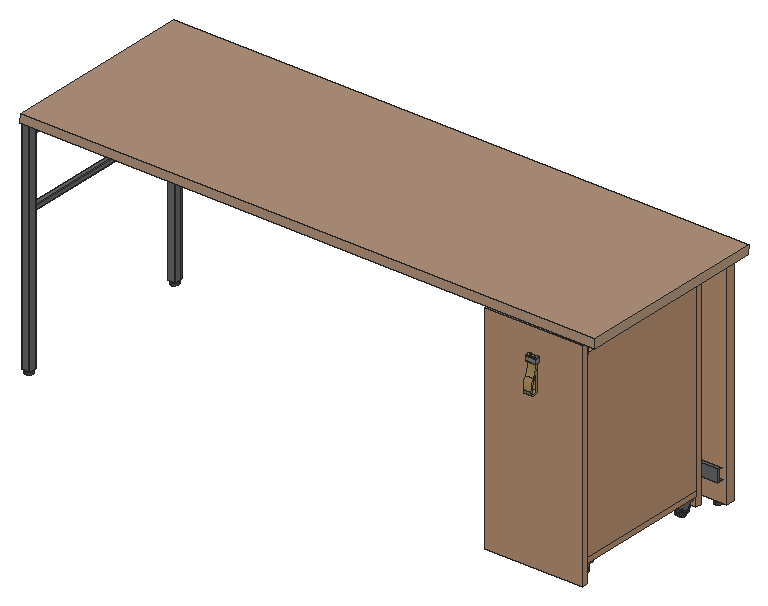
Revit family "Desks-Teknion-LWBDP_Byward_Desk_with_Pedestal-R2019", category Furniture, Revit 2019 (continued)
Dimensions and locks (in)
  Sweep 19 sketch curve to Sweep 19 sketch curve to plane 5 "Right" = 11.1678" locked, 1.7722" locked
  Sweep 19 sketch curve to Sweep 19 sketch curve to Sweep 19 sketch curve to Sweep 19 sketch curve to Sweep 19 sketch curve to plane 7 "Front" = 0.6393" locked, 0.0107" locked, 0.0393" locked, 0.0607" locked, 1.000" locked
  plane 8 "Top" to Sweep 19 sketch curve to Sweep 19 sketch curve to Sweep 19 sketch curve to Sweep 19 sketch curve to Sweep 19 sketch curve = 1.060" locked, 0.060" locked, 0.040" locked, 0.010" locked, 1.640" locked
  plane 7 "Front" to Sweep 20 sketch curve to Sweep 20 sketch curve = 0.000" locked, 19.54975" locked
  Sweep 20 sketch curve to Sweep 20 sketch curve to Sweep 20 sketch curve to Sweep 20 sketch curve to Sweep 20 sketch curve to Sweep 20 sketch curve to Sweep 20 sketch curve to Sweep 20 sketch curve to plane 5 "Right" = 0.05906" locked, 0.83465" locked, 0.05906" locked, 6.84252" locked, 0.05906" locked, 0.83465" locked, 0.05906" locked, 3.14862" locked
  Sweep 20 sketch curve to Sweep 20 sketch curve to Sweep 20 sketch curve to Sweep 20 sketch curve to level to Sweep 20 sketch curve to Sweep 20 sketch curve to Sweep 20 sketch curve to Sweep 20 sketch curve = 0.000" locked, 0.05906" locked, 0.000" locked, 1.63386" locked, 0.000" locked, 0.000" locked, 0.000" locked, 0.000" locked
  Sweep 21 sketch curve to Sweep 21 sketch curve to plane 5 "Right" = 14.000" locked, 0.000" locked
  Sweep 21 sketch curve to Sweep 21 sketch curve to Sweep 21 sketch curve to Sweep 21 sketch curve to Sweep 21 sketch curve to Sweep 21 sketch curve to Sweep 21 sketch curve to Sweep 21 sketch curve to Sweep 21 sketch curve to Sweep 21 sketch curve to Sweep 21 sketch curve to Sweep 21 sketch curve to Sweep 21 sketch curve to Sweep 21 sketch curve to Sweep 21 sketch curve to plane 7 "Front" to Sweep 21 sketch curve = 0.25984" locked, 0.000" locked, 0.05906" locked, 1.08661" locked, 1.08661" locked, 0.05906" locked, 0.000" locked, 13.48819" locked, 0.000" locked, 0.05906" locked, 1.08661" locked, 1.08661" locked, 0.05906" locked, 0.000" locked, 1.21904" locked, 0.000" locked
  Sweep 21 sketch curve to Sweep 21 sketch curve to Sweep 21 sketch curve to Sweep 21 sketch curve to Sweep 21 sketch curve to Sweep 21 sketch curve to Sweep 21 sketch curve to Sweep 21 sketch curve to Sweep 21 sketch curve to Sweep 21 sketch curve to Sweep 21 sketch curve to Sweep 21 sketch curve to Sweep 21 sketch curve to level to Sweep 21 sketch curve = 0.000" locked, 0.000" locked, 0.21845" locked, 0.000" locked, 0.000" locked, 0.000" locked, 0.62169" locked, 0.000" locked, 0.28749" locked, 0.000" locked, 0.000" locked, 0.000" locked, 0.56528" locked, 0.000" locked
  plane 8 "Top" to Sweep 22 sketch curve to Sweep 22 sketch curve = 1.060" locked, 1.500" locked
  Sweep 22 sketch curve to Sweep 22 sketch curve to Sweep 22 sketch curve to Sweep 22 sketch curve to plane 5 "Right" = 0.060" locked, 1.639" locked, 0.060" locked, 5.6597" locked
  plane 7 "Front" to Sweep 22 sketch curve to Sweep 22 sketch curve to Sweep 22 sketch curve to Sweep 22 sketch curve = 1.783" locked, 0.060" locked, 19.940" locked, 0.000" locked
  plane 7 "Front" to Sweep 23 sketch curve to Sweep 23 sketch curve = 1.783" locked, 20.000" locked
  plane 5 "Right" to Sweep 23 sketch curve to Sweep 23 sketch curve = 5.6597" locked, 1.759" locked
  plane 8 "Top" to Sweep 23 sketch curve to Sweep 23 sketch curve = 1.060" locked, 0.060" locked
  plane 8 "Top" to Sweep 24 sketch curve to Sweep 24 sketch curve = 1.421" locked, 4.000" locked
  Sweep 24 sketch curve to Sweep 24 sketch curve to Sweep 24 sketch curve to Sweep 24 sketch curve to plane 5 "Right" = 0.060" locked, 1.380" locked, 0.060" locked, 5.7892" locked
  plane 7 "Front" to Sweep 24 sketch curve to Sweep 24 sketch curve to Sweep 24 sketch curve to Sweep 24 sketch curve = 20.250" locked, 0.060" locked, 1.315" locked, 0.000" locked
  plane 7 "Front" to plane 10 to plane 11 = 2.36471" locked, 15.77953" locked
  locked: plane 12 "Wheel Center" to level at 0.7874
  Revolve 25 sketch curve to Revolve 25 sketch curve to plane 5 "Right" = 9.87167" locked, 2.27498" locked
  Revolve 25 sketch curve to Revolve 25 sketch curve to Revolve 25 sketch curve to Revolve 25 sketch curve to Revolve 25 sketch curve to Revolve 25 sketch curve to Revolve 25 sketch curve to Revolve 25 sketch curve to Revolve 25 sketch curve to Revolve 25 sketch curve to Revolve 25 sketch curve to Revolve 25 sketch curve to Revolve 25 sketch curve to plane 5 "Right" = 0.000" locked, 0.27559" locked, 0.05902" locked, 0.33461" locked, 0.000" locked, 7.12605" locked, 0.000" locked, 0.27559" locked, 0.05902" locked, 0.05902" locked, 0.27559" locked, 0.000" locked, 3.29043" locked
  Revolve 25 sketch curve to Revolve 25 sketch curve to Revolve 25 sketch curve to Revolve 25 sketch curve to Revolve 25 sketch curve to Revolve 25 sketch curve to Revolve 25 sketch curve to Revolve 25 sketch curve to Revolve 25 sketch curve to Revolve 25 sketch curve to Revolve 25 sketch curve to Revolve 25 sketch curve to Revolve 25 sketch curve to Revolve 25 sketch curve to Revolve 25 sketch curve to Revolve 25 sketch curve to Revolve 25 sketch curve to Revolve 25 sketch curve to Revolve 25 sketch curve to Revolve 25 sketch curve to Revolve 25 sketch curve to Revolve 25 sketch curve to plane 10 to Revolve 25 sketch curve to Revolve 25 sketch curve = 0.000" locked, 0.01202" locked, 0.000" locked, 0.000" locked, 0.000" locked, 0.14574" locked, 0.000" locked, 0.000" locked, 0.000" locked, 0.03384" locked, 0.000" locked, 0.000" locked, 0.000" locked, 0.35541" locked, 0.000" locked, 0.000" locked, 0.000" locked, 0.02411" locked, 0.000" locked, 0.000" locked, 0.000" locked, 0.21657" locked, 0.000" locked, 0.000" locked
  Revolve 26 sketch curve to Revolve 26 sketch curve to Revolve 26 sketch curve to Revolve 26 sketch curve to Revolve 26 sketch curve to Revolve 26 sketch curve to Revolve 26 sketch curve to Revolve 26 sketch curve to Revolve 26 sketch curve to Revolve 26 sketch curve to Revolve 26 sketch curve to Revolve 26 sketch curve to Revolve 26 sketch curve to plane 5 "Right" = 0.000" locked, 0.27559" locked, 0.05902" locked, 0.33461" locked, 0.000" locked, 7.12605" locked, 0.000" locked, 0.27559" locked, 0.05902" locked, 0.05902" locked, 0.27559" locked, 0.000" locked, 3.29043" locked
  Revolve 26 sketch curve to Revolve 26 sketch curve to Revolve 26 sketch curve to Revolve 26 sketch curve to Revolve 26 sketch curve to Revolve 26 sketch curve to Revolve 26 sketch curve to Revolve 26 sketch curve to Revolve 26 sketch curve to Revolve 26 sketch curve to Revolve 26 sketch curve to Revolve 26 sketch curve to Revolve 26 sketch curve to Revolve 26 sketch curve to Revolve 26 sketch curve to Revolve 26 sketch curve to Revolve 26 sketch curve to Revolve 26 sketch curve to Revolve 26 sketch curve to Revolve 26 sketch curve to Revolve 26 sketch curve to Revolve 26 sketch curve to Revolve 26 sketch curve to Revolve 26 sketch curve to plane 7 "Front" = 0.000" locked, 0.01202" locked, 0.000" locked, 0.000" locked, 0.000" locked, 0.14574" locked, 0.000" locked, 0.000" locked, 0.000" locked, 0.03384" locked, 0.000" locked, 0.000" locked, 0.000" locked, 0.35541" locked, 0.000" locked, 0.000" locked, 0.000" locked, 0.02411" locked, 0.000" locked, 0.000" locked, 0.000" locked, 0.21657" locked, 0.000" locked, 18.14424" locked
  Sweep 27 sketch curve to Sweep 27 sketch curve to plane 5 "Right" = 1.0708" locked, 3.08964" locked
  locked: plane 11 to Sweep 27 sketch curve at 0
  locked: plane 10 to Sweep 27 sketch curve at 0
  plane 12 "Wheel Center" to Sweep 27 sketch curve to Sweep 27 sketch curve = 0.000" locked, 0.000" locked
  Sweep 28 sketch curve to Sweep 28 sketch curve to plane 5 "Right" = 1.0708" locked, 10.88491" locked
  plane 12 "Wheel Center" to Sweep 28 sketch curve to Sweep 28 sketch curve = 0.000" locked, 0.000" locked
  locked: plane 11 to Sweep 28 sketch curve at 0
  locked: plane 10 to Sweep 28 sketch curve at 0
  Sweep 29 sketch curve to Sweep 29 sketch curve to plane 5 "Right" = 1.000" locked, 7.375" locked
  Sweep 29 sketch curve to Sweep 29 sketch curve to Sweep 29 sketch curve to Sweep 29 sketch curve to Sweep 29 sketch curve to Sweep 29 sketch curve to Sweep 29 sketch curve to Sweep 29 sketch curve to Sweep 29 sketch curve to Sweep 29 sketch curve to Sweep 29 sketch curve to plane 7 "Front" to Sweep 29 sketch curve to Sweep 29 sketch curve to Sweep 29 sketch curve to Sweep 29 sketch curve to Sweep 29 sketch curve = 0.02136" locked, 2.54245" locked, 0.09843" locked, 0.010" locked, 0.021" locked, 0.000" locked, 0.05643" locked, 0.000" locked, 0.021" locked, 0.010" locked, 0.00317" locked, 0.09525" locked, 0.23035" locked, 0.000" locked, 3.32216" locked, 0.13176" locked
  plane 8 "Top" to Sweep 29 sketch curve to Sweep 29 sketch curve to Sweep 29 sketch curve to Sweep 29 sketch curve to Sweep 29 sketch curve to Sweep 29 sketch curve to Sweep 29 sketch curve to Sweep 29 sketch curve to Sweep 29 sketch curve to Sweep 29 sketch curve to Sweep 29 sketch curve to Sweep 29 sketch curve to Sweep 29 sketch curve = 4.60935" locked, 0.031" locked, 0.000" locked, 0.000" locked, 0.000" locked, 0.04774" locked, 0.60001" locked, 0.03457" locked, 0.01502" locked, 2.98573" locked, 0.000" locked, 0.000" locked, 0.000" locked
  Sweep 30 sketch curve to plane 7 "Front" to Sweep 30 sketch curve to Sweep 30 sketch curve = 0.09525" locked, 0.22002" locked, 0.000" locked
  Sweep 30 sketch curve to Sweep 30 sketch curve to plane 5 "Right" = 1.000" locked, 7.375" locked
  Sweep 31 sketch curve to Sweep 31 sketch curve to level = 16.000" locked, 9.9995" locked
  Sweep 31 sketch curve to Sweep 31 sketch curve to plane 9 to Sweep 31 sketch curve to Sweep 31 sketch curve to Sweep 31 sketch curve = 0.036" locked, 0.1797" locked, 0.2843" locked, 0.464" locked, 0.036" locked
  Sweep 31 sketch curve to Sweep 31 sketch curve to Sweep 31 sketch curve to Sweep 31 sketch curve to Sweep 31 sketch curve to plane 5 "Right" = 0.714" locked, 0.036" locked, 1.428" locked, 0.036" locked, 10.6112" locked
  Sweep 32 sketch curve to Sweep 32 sketch curve to plane 5 "Right" = 1.250" locked, 9.6252" locked
  Sweep 32 sketch curve to Sweep 32 sketch curve to Sweep 32 sketch curve to Sweep 32 sketch curve to Sweep 32 sketch curve to Sweep 32 sketch curve to level = 1.675" locked, 0.075" locked, 5.250" locked, 0.075" locked, 1.675" locked, 0.6245" locked
  Sweep 32 sketch curve to Sweep 32 sketch curve to plane 9 to Sweep 32 sketch curve to Sweep 32 sketch curve to Sweep 32 sketch curve to Sweep 32 sketch curve = 0.075" locked, 0.1407" locked, 1.2093" locked, 0.000" locked, 0.075" locked, 0.000" locked
  Sweep 33 sketch curve to Sweep 33 sketch curve to plane 5 "Right" = 6.000" locked, 1.5002" locked
  Sweep 33 sketch curve to Sweep 33 sketch curve to plane 9 to Sweep 33 sketch curve to Sweep 33 sketch curve to Sweep 33 sketch curve = 0.036" locked, 0.1797" locked, 0.2843" locked, 0.464" locked, 0.036" locked
  Sweep 33 sketch curve to Sweep 33 sketch curve to Sweep 33 sketch curve to Sweep 33 sketch curve to Sweep 33 sketch curve to level = 0.036" locked, 1.428" locked, 0.036" locked, 0.714" locked, 2.4245" locked
  plane 7 "Front" to Sweep 34 sketch curve to Sweep 34 sketch curve = 0.92475" locked, 18.625" locked
  Sweep 34 sketch curve to Sweep 34 sketch curve to Sweep 34 sketch curve to Sweep 34 sketch curve to Sweep 34 sketch curve to Sweep 34 sketch curve to level = 0.090" locked, 0.000" locked, 0.445" locked, 0.000" locked, 0.090" locked, 24.44224" locked
  Sweep 34 sketch curve to Sweep 34 sketch curve to Sweep 34 sketch curve to Sweep 34 sketch curve to Sweep 34 sketch curve to Sweep 34 sketch curve to plane 5 "Right" = 0.090" locked, 0.000" locked, 0.445" locked, 0.000" locked, 0.090" locked, 11.87469" locked
  curve 73 to curve 71 to plane 10 to curve 72 to curve 70 = 0.000" locked, 0.77568" locked, 0.77568" locked, 0.000" locked
  curve 68 to curve 66 to plane 11 to curve 69 to curve 67 = 0.000" locked, 0.77568" locked, 0.77568" locked, 0.000" locked
  locked: Masking region 4 sketch curve to plane 7 "Front" at 0.76281
  curve 57 to curve 133 to plane 5 "Right" = 0.87531" locked, 11.87469" locked
  plane 6 "Back" to plane 9 to plane 1 "Center Front/Back" = 2.060", 9.940"
  radius of Sweep 28 sketch curve = 0.100"  (x2)
  aligned and locked: level to plane 2
  aligned and locked: plane 3 "Center Left/Right" to Sweep 1 sketch curve
  aligned and locked: plane 7 "Front" to Sweep 1 sketch curve
  aligned and locked: plane 5 "Right" to Sweep 1 sketch curve
  aligned and locked: Sweep 1 sketch curve to plane 6 "Back"
  aligned and locked: Sweep 1 sketch curve to plane 4 "Left"
  aligned and locked: plane 5 "Right" to curve 1
  aligned and locked: plane 7 "Front" to curve 2
  aligned and locked: curve 3 to plane 4 "Left"
  aligned and locked: curve 4 to plane 6 "Back"
  aligned and locked: Sweep 2 sketch curve to plane 3 "Center Left/Right"
  aligned and locked: plane 1 "Center Front/Back" to Sweep 3 sketch curve
  aligned and locked: plane 3 "Center Left/Right" to Sweep 4 sketch curve
  aligned and locked: plane 3 "Center Left/Right" to Sweep 5 sketch curve
  aligned and locked: plane 3 "Center Left/Right" to Sweep 6 sketch curve
  aligned and locked: plane 3 "Center Left/Right" to Sweep 7 sketch curve
  aligned and locked: Sweep 8 sketch curve to plane 3 "Center Left/Right"
  aligned and locked: Sweep 9 sketch curve to plane 3 "Center Left/Right"
  aligned and locked: plane 3 "Center Left/Right" to Sweep 10 sketch curve
  aligned and locked: plane 3 "Center Left/Right" to Sweep 11 sketch curve
  aligned and locked: Sweep 12 sketch curve to plane 3 "Center Left/Right"
  aligned and locked: plane 3 "Center Left/Right" to Sweep 13 sketch curve
  aligned and locked: Masking region 1 sketch curve to plane 4 "Left"
  aligned and locked: plane 7 "Front" to Masking region 1 sketch curve
  aligned and locked: plane 5 "Right" to Masking region 1 sketch curve
  aligned and locked: Masking region 1 sketch curve to plane 6 "Back"
  aligned and locked: plane 3 "Center Left/Right" to Sweep 14 sketch curve
  aligned and locked: plane 3 "Center Left/Right" to Sweep 15 sketch curve
  aligned and locked: plane 9 to Sweep 3 sketch curve
  aligned and locked: plane 3 "Center Left/Right" to Sweep 16 sketch curve
  aligned and locked: plane 3 "Center Left/Right" to Sweep 17 sketch curve
  aligned and locked: plane 3 "Center Left/Right" to Sweep 18 sketch curve
  aligned and locked: plane 1 "Center Front/Back" to Sweep 19 sketch curve
  aligned and locked: Sweep 20 sketch curve to plane 3 "Center Left/Right"
  aligned and locked: plane 1 "Center Front/Back" to Sweep 21 sketch curve
  aligned and locked: plane 3 "Center Left/Right" to Sweep 22 sketch curve
  aligned and locked: Sweep 23 sketch curve to plane 3 "Center Left/Right"
  aligned and locked: Sweep 24 sketch curve to plane 3 "Center Left/Right"
  aligned and locked: Revolve 25 sketch curve to plane 10
  aligned and locked: Revolve 26 sketch curve to plane 11
  aligned and locked: plane 1 "Center Front/Back" to Sweep 27 sketch curve
  aligned and locked: plane 1 "Center Front/Back" to Sweep 28 sketch curve
  aligned and locked: plane 1 "Center Front/Back" to Sweep 29 sketch curve
  aligned and locked: plane 3 "Center Left/Right" to Sweep 31 sketch curve
  aligned and locked: plane 1 "Center Front/Back" to Sweep 32 sketch curve
  aligned and locked: plane 1 "Center Front/Back" to Sweep 33 sketch curve
  aligned and locked: plane 3 "Center Left/Right" to Sweep 34 sketch curve
  aligned and locked: curve 6 to Sweep 12
  aligned and locked: curve 7 to Sweep 12
  aligned and locked: curve 8 to Sweep 12
  aligned and locked: curve 25 to cut or joined group of Sweep 7, Sweep 8
  aligned and locked: curve 28 to cut or joined group of Sweep 7, Sweep 8
  aligned and locked: curve 31 to Sweep 2
  aligned and locked: curve 32 to Sweep 2
  aligned and locked: curve 33 to Sweep 2
  aligned and locked: curve 34 to Sweep 14
  aligned and locked: curve 35 to Sweep 14
  aligned and locked: curve 36 to Sweep 3
  aligned and locked: curve 37 to Sweep 14
  aligned and locked: curve 38 to Sweep 14
  aligned and locked: curve 39 to Sweep 3
  aligned and locked: curve 40 to Sweep 12
  aligned and locked: curve 41 to Sweep 12
  aligned and locked: curve 42 to Sweep 12
  aligned and locked: curve 43 to Sweep 12
  aligned and locked: curve 44 to Sweep 12
  aligned and locked: curve 45 to Sweep 12
  aligned and locked: curve 46 to Sweep 18
  aligned and locked: curve 47 to Sweep 18
  aligned and locked: curve 48 to Sweep 18
  aligned and locked: curve 49 to Sweep 18
  aligned and locked: curve 50 to Sweep 15
  aligned and locked: curve 51 to Sweep 15
  aligned and locked: curve 52 to Sweep 15
  aligned and locked: curve 53 to Sweep 15
  aligned and locked: curve 54 to Sweep 16
  aligned and locked: curve 55 to Sweep 16
  aligned and locked: curve 56 to Sweep 16
  aligned and locked: curve 58 to Revolve 26
  aligned and locked: curve 59 to Revolve 26
  aligned and locked: curve 60 to Revolve 26
  aligned and locked: curve 61 to Revolve 26
  aligned and locked: curve 62 to Revolve 25
  aligned and locked: curve 63 to Revolve 25
  aligned and locked: curve 64 to Revolve 25
  aligned and locked: curve 65 to Revolve 25
  aligned and locked: curve 74 to Sweep 3
  aligned and locked: curve 75 to Sweep 5
  aligned and locked: curve 29 to cut or joined group of Sweep 7, Sweep 8
  aligned and locked: curve 30 to cut or joined group of Sweep 7, Sweep 8
  aligned and locked: curve 76 to Sweep 30
  aligned and locked: curve 77 to Sweep 30
  aligned and locked: Sweep 30 to Masking region 2 sketch curve  (x2)
  aligned and locked: Masking region 2 sketch curve to Sweep 30  (x4)
  aligned and locked: Sweep 1 to Masking region 2 sketch curve
  aligned and locked: Sweep 29 to Masking region 3 sketch curve  (x2)
  aligned and locked: plane 7 "Front" to Masking region 3 sketch curve
  aligned and locked: Masking region 3 sketch curve to Sweep 29
  aligned and locked: Masking region 4 sketch curve to Sweep 29  (x2)
  aligned and locked: Sweep 30 to Masking region 4 sketch curve
  aligned and locked: curve 78 to Sweep 29
  aligned and locked: curve 79 to Sweep 29
  aligned and locked: curve 80 to Sweep 19
  aligned and locked: curve 81 to Sweep 19
  aligned and locked: curve 82 to Sweep 19
  aligned and locked: curve 83 to Sweep 19
  aligned and locked: curve 84 to Sweep 11
  aligned and locked: curve 85 to Sweep 11
  aligned and locked: curve 86 to Sweep 11
  aligned and locked: curve 87 to Sweep 11
  aligned and locked: curve 88 to Sweep 11
  aligned and locked: curve 89 to Sweep 11
  aligned and locked: curve 90 to Sweep 11
  aligned and locked: curve 91 to Sweep 11
  aligned and locked: curve 92 to Sweep 11
  aligned and locked: curve 93 to Sweep 11
  aligned and locked: curve 94 to Sweep 11
  aligned and locked: curve 95 to Sweep 11
  aligned and locked: curve 96 to cut or joined group of Sweep 22, Sweep 23
  aligned and locked: curve 97 to cut or joined group of Sweep 22, Sweep 23
  aligned and locked: curve 98 to cut or joined group of Sweep 22, Sweep 23
  aligned and locked: curve 100 to cut or joined group of Sweep 22, Sweep 23
  aligned and locked: curve 101 to cut or joined group of Sweep 22, Sweep 23
  aligned and locked: curve 102 to cut or joined group of Sweep 22, Sweep 23
  aligned and locked: curve 99 to cut or joined group of Sweep 22, Sweep 23
  aligned and locked: curve 103 to Sweep 24
  aligned and locked: curve 104 to Sweep 24
  aligned and locked: curve 105 to Sweep 24
  aligned and locked: curve 106 to Sweep 24
  aligned and locked: curve 107 to Sweep 24
  aligned and locked: curve 108 to Sweep 24
  aligned and locked: curve 109 to Sweep 24
  aligned and locked: curve 110 to Sweep 24
  aligned and locked: curve 111 to cut or joined group of Sweep 7, Sweep 8
  aligned and locked: curve 112 to Sweep 10
  aligned and locked: curve 113 to Sweep 10
  aligned and locked: curve 114 to Sweep 10
  aligned and locked: curve 115 to Sweep 9
  aligned and locked: curve 116 to Sweep 9
  aligned and locked: curve 117 to Sweep 9
  aligned and locked: curve 119 to Sweep 6
  aligned and locked: curve 120 to Sweep 6
  aligned and locked: curve 122 to Sweep 6
  aligned and locked: curve 124 to Sweep 6
  aligned and locked: curve 126 to Sweep 6
  aligned and locked: curve 128 to Sweep 6
  aligned and locked: curve 129 to Sweep 6
  aligned and locked: curve 131 to Sweep 6
  aligned and locked: curve 132 to Sweep 17
  aligned and locked: curve 134 to Sweep 31
  aligned and locked: curve 135 to Sweep 31
  aligned and locked: curve 136 to Sweep 31
  aligned and locked: curve 137 to Sweep 31
  aligned and locked: curve 138 to Sweep 31
  aligned and locked: curve 139 to Sweep 31
  aligned and locked: curve 140 to Sweep 31
  aligned and locked: curve 141 to Sweep 31
  aligned and locked: curve 142 to Sweep 31
  aligned and locked: curve 143 to Sweep 31
  aligned and locked: curve 144 to Sweep 32
  aligned and locked: curve 145 to Sweep 32
  aligned and locked: curve 146 to Sweep 32
  aligned and locked: curve 147 to Sweep 32
  aligned and locked: curve 148 to Sweep 32
  aligned and locked: curve 149 to Sweep 32
  aligned and locked: curve 150 to Sweep 33
  aligned and locked: curve 151 to Sweep 33
  aligned and locked: curve 152 to Sweep 33
  aligned and locked: curve 153 to Sweep 33
  aligned and locked: curve 154 to Sweep 33
  aligned and locked: curve 155 to Sweep 33
  aligned and locked: curve 156 to Sweep 33
  aligned and locked: curve 157 to Sweep 13
  aligned and locked: curve 158 to Sweep 13
  aligned and locked: curve 159 to Sweep 13
  aligned and locked: curve 160 to Sweep 13
  aligned and locked: curve 161 to Sweep 13
  aligned and locked: curve 162 to Sweep 13
  aligned and locked: curve 163 to Sweep 13
  aligned and locked: curve 164 to Sweep 13
  aligned and locked: curve 165 to Sweep 13
  aligned and locked: curve 166 to Sweep 13
  aligned and locked: curve 167 to Sweep 13
  aligned and locked: curve 168 to Sweep 13
  aligned and locked: curve 169 to Sweep 13
  aligned and locked: curve 170 to Sweep 13
  aligned and locked: curve 171 to Sweep 13
  aligned and locked: curve 172 to Sweep 13
  aligned and locked: curve 173 to Sweep 13
  aligned and locked: curve 174 to Sweep 13
  aligned and locked: curve 175 to Sweep 13
  aligned and locked: curve 176 to Sweep 13
  aligned and locked: curve 177 to Sweep 13
  aligned and locked: curve 178 to Sweep 13
  aligned and locked: curve 179 to Sweep 13
  aligned and locked: curve 180 to Sweep 13
  aligned and locked: curve 181 to Sweep 13
  aligned and locked: curve 182 to Sweep 13
  aligned and locked: curve 183 to Sweep 13
  aligned and locked: curve 184 to Sweep 13
  aligned and locked: curve 185 to Sweep 13
  aligned and locked: curve 186 to Sweep 13
  aligned and locked: curve 187 to cut or joined group of Sweep 20, Sweep 21
  aligned and locked: curve 188 to cut or joined group of Sweep 20, Sweep 21
  aligned and locked: curve 189 to cut or joined group of Sweep 20, Sweep 21
  aligned and locked: curve 190 to cut or joined group of Sweep 20, Sweep 21
  aligned and locked: curve 191 to cut or joined group of Sweep 20, Sweep 21
  aligned and locked: cut or joined group of Sweep 20, Sweep 21 to curve 192
  aligned and locked: cut or joined group of Sweep 20, Sweep 21 to curve 193
  aligned and locked: curve 194 to cut or joined group of Sweep 20, Sweep 21
  aligned and locked: cut or joined group of Sweep 20, Sweep 21 to curve 195
  aligned and locked: cut or joined group of Sweep 20, Sweep 21 to curve 196
  aligned and locked: curve 197 to cut or joined group of Sweep 20, Sweep 21
  aligned and locked: curve 198 to cut or joined group of Sweep 20, Sweep 21
  aligned and locked: curve 199 to cut or joined group of Sweep 20, Sweep 21
  aligned and locked: curve 200 to cut or joined group of Sweep 20, Sweep 21
  aligned and locked: curve 201 to cut or joined group of Sweep 20, Sweep 21
  aligned and locked: curve 202 to cut or joined group of Sweep 20, Sweep 21
  aligned and locked: cut or joined group of Sweep 20, Sweep 21 to curve 203
  aligned and locked: cut or joined group of Sweep 20, Sweep 21 to curve 204
  aligned and locked: curve 205 to cut or joined group of Sweep 20, Sweep 21
  aligned and locked: cut or joined group of Sweep 20, Sweep 21 to curve 206
  aligned and locked: curve 207 to cut or joined group of Sweep 20, Sweep 21
  aligned and locked: curve 208 to cut or joined group of Sweep 20, Sweep 21
  aligned and locked: curve 209 to cut or joined group of Sweep 20, Sweep 21
  aligned and locked: curve 210 to cut or joined group of Sweep 20, Sweep 21
Automatic sketch dimensions
  Sweep 2 sketch curve to Sweep 2 sketch curve = 3.000"  (x5)
  Sweep 2 sketch curve to Sweep 2 sketch curve = 0.000"
  Sweep 21 sketch curve to Sweep 21 sketch curve = 0.000"  (x6)
  Revolve 25 sketch curve to Revolve 25 sketch curve = 0.11804"
  Revolve 26 sketch curve to Revolve 26 sketch curve = 0.11804"
  Revolve 26 sketch curve to Revolve 26 sketch curve = 0.29035"
  Revolve 26 sketch curve to Revolve 26 sketch curve = 0.29043"
  Sweep 29 sketch curve to Sweep 29 sketch curve = 0.000"  (x4)
  Sweep 30 sketch curve to profile plane = 0.000"
  profile plane to Sweep 30 sketch curve = 0.09557"  (x2)
  Sweep 30 sketch curve to Sweep 30 sketch curve = 0.05702"
  level to Sweep 30 sketch curve = 23.73168"
  Sweep 30 sketch curve to Sweep 30 sketch curve = 0.06935"  (x2)
  Sweep 30 sketch curve to Sweep 30 sketch curve = 0.53376"
  Masking region 2 sketch curve to plane 7 "Front" = 0.000"
  curve 15 to curve 25 = 0.0975"
  curve 11 to plane 6 "Back" = 0.100"
  plane 4 "Left" to curve 11 = 0.190"
  curve 17 to plane 7 "Front" = 0.100"
  plane 4 "Left" to curve 17 = 0.190"
  curve 21 to curve 25 = 0.0975"
  curve 13 to curve 12 = 0.090"
  curve 23 to curve 22 = 0.090"
  curve 10 to plane 6 "Back" = 0.190"
  curve 160 to curve 10 = 0.095"
  curve 165 to curve 17 = 0.095"
  curve 75 to curve 15 = 0.0975"
  curve 75 to curve 21 = 0.0975"
  curve 18 to curve 19 = 0.090"
  curve 26 to plane 10 = 0.15433"
  curve 166 to curve 19 = 0.22813"
  curve 15 to curve 159 = 0.31813"
  curve 15 to curve 28 = 0.0275"
  curve 20 to curve 26 = 0.0275"
  curve 211 to curve 208 = 0.05906"
  plane 7 "Front" to curve 77 = 0.24784"
  plane 7 "Front" to curve 76 = 0.24784"
  curve 78 to curve 76 = 0.51497"
  curve 79 to curve 77 = 0.51497"
  radius of Sweep 12 sketch curve = 0.500"  (x5)
  radius of Sweep 27 sketch curve = 0.100"  (x2)
Types (4): name | Worksurface Finish | Width | Storage Back | Modesty Panel & Pedestal Finish | Model | Gable Cutout | Description | Depth
  (no name) | Source Laminate - Teknion - 3M - Provincial Oak (Cross Grain) | 72.000" | 2.060" | Foundation Laminate - Teknion - YA - Anigre | "LWBDP24___" | 3.190" | "Byward Desk with Pedestal, 24\" Depth" | 24.000"
  24" Depth | Source Laminate - Teknion - 3M - Provincial Oak (Cross Grain) | 72.000" | 2.060" | Foundation Laminate - Teknion - YA - Anigre | "LWBDP24___" | 3.190" | "Byward Desk with Pedestal, 24\" Depth" | 24.000"
  30" Depth | Source Laminate - Teknion - 3M - Provincial Oak (Cross Grain) | 54.000" | 4.060" | Foundation Laminate - Teknion - YA - Anigre | "LWBDP30___" | 2.440" | "Byward Desk with Pedestal, 30\" Depth" | 30.000"
  36" Depth | Veneer-Teknion-5U-Flintwood-Raw_Umber (Long Grain) | 54.000" | 4.060" | Veneer-Teknion-5U-Flintwood-Raw_Umber (Long Grain) | "LWBDP36___" | 1.440" | "Byward Desk with Pedestal, 36\" Depth" | 36.000"
